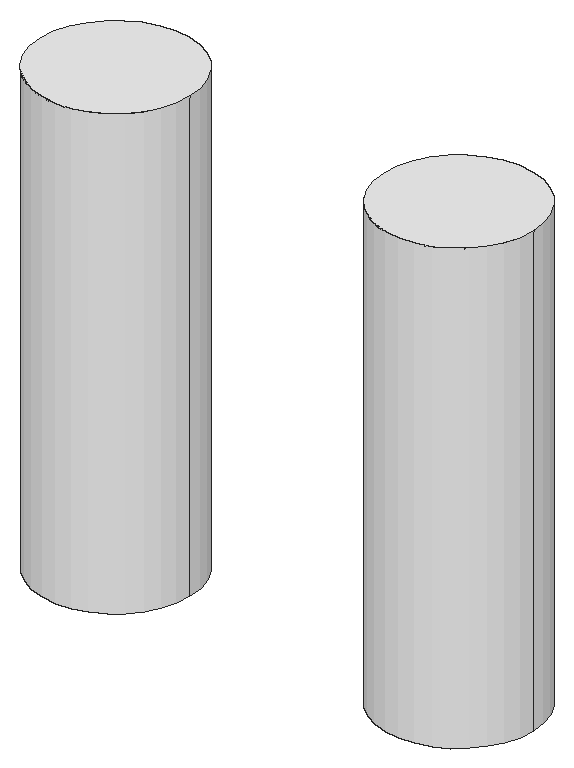
Revit family "5540220300006(2023)", category Plumbing Fixtures, Revit 2020
Family settings
  Round Connector Dimension = Use Diameter
  Part Type = Normal
  OmniClass Number = 23.45.55.00
  OmniClass Title = Sanitary Faucets, Wastes
  Work Plane-Based = No
  Always vertical = Yes
  Cut with Voids When Loaded = No
  Shared = No
  Room Calculation Point = No
Parameters (values of type "5540220300006 Washbasin faucet")
  Working Pressure = "50 - 1000 kPa"
  WarrantyStartDate [instance] = "n/a"
  WarrantyGuarantorParts = "n/a"
  WarrantyGuarantorLabor = "n/a"
  WarrantyDurationUnit = "Year"
  WarrantyDurationParts = "n/a"
  WarrantyDurationLabor = "n/a"
  WarrantyDescription = "http://warranty.hansa.com"
  Warranty Information URL = "http://warranty.hansa.com"
  VersionDate = "17/01/2024"
  Version = "1"
  ValvePattern = "n/a"
  ValveOperation = "n/a"
  ValveMechanism = "n/a"
  Uniclass2015Reference = "Pr_40_20_87_96"
  Uniclass2015Description = "Washbasin manual water supply sets"
  Uniclass2 = "Pr_40_30_96_96"
  URL UWL = "http://static.hansa.com/UWL/5540220300006"
  URL REACH = "http://static.hansa.com/doc/reach"
  URL EcoLabel Declaration = "http://static.hansa.com/doc/EcoLabel"
  URL EU Packaging Declaration = "http://static.hansa.com/doc/packaging"
  URL Declaration of SCIP = "http://static.hansa.com/doc/SCIP"
  URL Declaration of Conformity = "http://static.hansa.com/DoC/5540220300006"
  URL Declaration of Asbestos = "http://static.hansa.com/doc/asbestos"
  URL Declaration Of Performance (DOP) = "http://static.hansa.com/doc/DoP"
  URL = ""
  Type Comments = ""
  TestPressure = "n/a"
  Temperature Adjustments = "Limitation option for maximum temperature and flow-rate ;Adjustable hot water stop (included, retrofittable);Energy saving variation - cold water in the middle position"
  Technical DataSheet URL = "http://www.hansa.com/datasheet/5540220300006/en"
  TagNumber [instance] = "n/a"
  SustainabilityPerformance = "n/a"
  Surface treatment = "Chrome"
  Spout Type = "Fixed spout"
  Spout Projection = "101 mm"
  Spare-Part Information URL = "http://static.hansa.com/sp/5540220300006"
  Size = "50x140x125 mm"
  Shape = "Sculptured"
  SerialNumber [instance] = "n/a"
  Sales Package dimensions (LxWxH) = "395 x 195 x 70"
  Revision = "n/a"
  ReplacementCost = "n/a"
  ProductInformation = "n/a"
  Product URL = "http://static.hansa.com/5540220300006"
  Product Image URL = "http://static.hansa.com/image/5540220300006"
  Product Family = "HANSABASIC "
  Product Code = "5540220300006"
  OperatingMechanismMaterial = "n/a"
  NominalWidth = 47.158 mm
  NominalHeight = 122.504 mm
  NominalDepth = 138.494 mm
  Noise Class = "I (ISO 3822)"
  Name_en = "5540220300006 Washbasin faucet"
  Name = "5540220300006 Washbasin faucet"
  NBSReference = "45-35-70/371"
  NBSDescription = "Water supply fittings for wash basins and troughs"
  Mounting Holes = "1 hole"
  ModelReference = "5540220300006"
  ModelNumber = "n/a"
  Model = "5540220300006 Washbasin faucet"
  Mobile Product Information URL = "http://mpi.hansa.com/5540220300006"
  Mechanical Parts = "ø 35 mm ceramic eco cartridge for flow and temperature control"
  Max. Hot Water Supply = 70 °C
  Material = "Brass"
  ManufacturerURL = "http://www.hansa.com"
  ManufacturerName = "HANSA"
  Manufacturer = "HANSA"
  Lever Handle = "Hot/Cold symbols;Single operating lever/handle"
  Keynote = ""
  Interactive AR View URL = "https://static.hansa.com/AR/5540220300006"
  InstallationDate [instance] = "n/a"
  Installation and Maintenance Guide URL = "http://static.hansa.com/manual/5540220300006"
  Installation Type = "Deck mounted"
  InletConnectionSize = 10 mm
  IfcExportType = "FAUCET"  # constant formula
  IfcExportAs = "IfcValveType"  # constant formula
  Group = "Washbasin faucet"
  Grade = "n/a"
  FlowCoefficient = 0
  Flow Rate At 300kPa With Flow Controller = 0.08 L/s
  Flow Drawing URL = "http://static.hansa.com/flowchart/5540220300006"
  Finish = "Polished"
  Features = "Single-lever"
  FaucetMainMaterial = Brass
  FDV Document URL = "http://www.hansa.com/datasheet/5540220300006/en/fdv"
  Extensions = "Pop-up waste with draw-rod"
  ExpectedLife = "n/a"
  EN Standard = "EN 817"
  EAN Number = "4057304021152"
  DurationUnit = "Year"
  Dimension Drawing URL = "http://static.hansa.com/dimdrw/5540220300006"
  Description = ""
  DefaultElevation [instance] = 900 mm
  Default Elevation = 0 mm
  Constituents = "n/a"
  Connection Size = "G3/8"
  Connection = "Flexible inlet pipes"
  Color = "Chrome"
  CodePerformance = "n/a"
  CloseOffRating = 0
  Catalog Drawing URL = "http://static.hansa.com/catdrw/5540220300006"
  Brand = "HANSA"
  BodyMaterial = "Brass"
  Barcode [instance] = "n/a"
  Backflow Prevention EN1717 = "AA"
  BIMObjectName = "5540220300006(2023)"
  Author = "BIMStone"
  AssetType = "Fixed"
  AssetIdentifier [instance] = "n/a"
  Aerator = "PCA® - constant flow rate regardless of pressure variations"
  Advanced Features = "Rapid installation system"
  AccessibilityPerformance = "n/a"
  3D View = "https://static.hansa.com/AR/5540220300006"
  2D/3D/BIM Files URL = "http://static.hansa.com/bim/5540220300006"
Reference planes
  plane 1 "Center (Front/Back)": y = 0
  plane 2: z = 0
  plane 3 "Center (Left/Right)": x = 0
  plane 4: x = -23.579
  plane 5: z = 900
  plane 6: z = 870
  plane 7: y = -138.494
  plane 8: x = 23.579
  plane 9: z = 1022.504
Forms (mm)
  Extrusion 1, solid, material "Brass" <- "FaucetMainMaterial"
    sketch origin (0, -2.393, 0) x (1, 0, 0) y (0, 1, 0)
      loop
        circle (-11.5, -22.5) r 5
      loop
        circle (11.5, -22.5) r 5
    from 870 to 900
Dimensions and locks
  "DefaultElevation": plane 5 to level
  locked: plane 5 to plane 6 at 30
  "NominalDepth": plane 7 to plane 1 "Center (Front/Back)"
  equal spacing: plane 4, plane 3 "Center (Left/Right)", plane 8
  "NominalHeight": plane 9 to plane 5
  "NominalWidth": plane 4 to plane 8
  "InletConnectionSize": diameter of Extrusion 1 sketch curve  (x2)
  aligned and locked: level to plane 2
  aligned and locked: plane 5 to Extrusion 1
  aligned and locked: Extrusion 1 to plane 6
  aligned and locked: plane 1 "Center (Front/Back)" to nested 2
  aligned and locked: plane 3 "Center (Left/Right)" to nested 2
  aligned and locked: plane 3 "Center (Left/Right)" to nested 1
  aligned and locked: plane 1 "Center (Front/Back)" to nested 1
  aligned and locked: plane 5 to nested 2
Automatic sketch dimensions
  Extrusion 1 sketch curve to plane 3 "Center (Left/Right)" = 11.5 mm
  plane 3 "Center (Left/Right)" to Extrusion 1 sketch curve = 11.5 mm
  plane 1 "Center (Front/Back)" to Extrusion 1 sketch curve = 24.893 mm  (x2)
Nested families
  nested 1: "Symbol" at (0, 0, 0), type "Symbol", detail levels coarse
  nested 2: "55402203_Body" at (0, 0, 900), Material <- "FaucetMainMaterial", type "55402203_Body"
    with Material Brass
Connectors
  piping at (-11.5, -24.893, 870), diameter 10, driven by "InletConnectionSize"
    settings: on Extrusion 1, index 1, connector inside diameter 609.6 mm, connector length 0 mm, flow factor 0, pipe flow 0.08 L/s, pressure drop 0.0 Pa, fitting loss kfactor 0, connector angle 0.00°, fixture units 0, engagement length 0 mm, angle of deflection 0.00°, flow configuration 1, flow direction 1, fitting loss method 0, system type 19, joint type 0, gender type 0, connector reference index -1, connector utility 0, adjustable connector no, is connector primary yes, connector description ""
  piping at (11.5, -24.893, 870), diameter 10, driven by "InletConnectionSize"
    settings: on Extrusion 1, index 2, connector inside diameter 609.6 mm, connector length 0 mm, flow factor 0, pipe flow 0.08 L/s, pressure drop 0.0 Pa, fitting loss kfactor 0, connector angle 0.00°, fixture units 0, engagement length 0 mm, angle of deflection 0.00°, flow configuration 1, flow direction 1, fitting loss method 0, system type 20, joint type 0, gender type 0, connector reference index -1, connector utility 0, adjustable connector no, is connector primary no, connector description ""
Definition of nested family "Symbol"
  Reference planes
    plane 1: y = 0
    plane 2: x = 0
  Lines and regions (mm)
    detail lines
      curve 1: line (0, 0, 0) -> (0, -1.8, 0)
      curve 2: line (-0.4, -1.1, 0) -> (0.4, -1.1, 0)
      curve 3: line (-0.4, -1.4, 0) -> (0.4, -1.4, 0)
      curve 4: line (0.863, 0, 0) -> (-0.863, 0, 0)
      curve 5: circle (-1.163, 0, 0) r 0.3 normal (0, 0, -1)
      curve 6: circle (1.163, 0, 0) r 0.3 normal (0, 0, 1)
Definition of nested family "55402203_Body"
  Parameters (values of type "55402203_Body")
    Material [instance] = none
    Default Elevation = 0 mm
  Reference planes
    plane 1 "Center (Front/Back)": y = 0
    plane 2: z = 0
    plane 3 "Center (Left/Right)": x = 0
    plane 4: z = 122.504
    plane 5: y = -138.494
    plane 6: x = -23.579
    plane 7: x = 23.579
  Forms (mm)
    Revolve 1, solid, material <- "Material", detail levels medium
      sketch origin (0, 0, 0) x (0, 1, 0) y (0, 0, 1)
        loop
          line (0.147, -7.757) -> (-2.408, 127.297) -> (-25.896, 127.297) -> (-23.341, -7.757) -> (0.147, -7.757)
        axis (-23.333, -8.201) -> (-25.896, 127.297)
      angle from 0 to 360
    Extrusion 2, void
      sketch origin (0, 0, 0) x (0, 1, 0) y (0, 0, 1)
        loop
          line (25.641, 122.104) -> (25.641, 142.777) -> (-138.494, 142.777) -> (-138.494, 122.104) -> (25.641, 122.104)
        loop
          line (25.641, 0) -> (-134.359, 0) -> (-134.359, -25) -> (25.641, -25) -> (25.641, 0)
      from -23.579 to 23.579
    Extrusion 3, solid, material <- "Material", detail levels medium
      sketch origin (0, 0, 0) x (0, 1, 0) y (0, 0, 1)
        loop
          line (-25.682, 117.297) -> (-25.682, 122.104) -> (-110.75, 122.104)
          arc (-110.75, 122.104) -> (-111.943, 121.076) -> (-111.103, 119.744) r 1.206
          line (-111.103, 119.744) -> (-103.108, 117.297) -> (-25.682, 117.297)
      from -22 to 22
    Extrusion 4, solid, material <- "Material", detail levels medium
      sketch origin (0, 0, 0) x (0, 1, 0) y (0, 0, 1)
        loop
          line (-23.504, 69.475) -> (-23.504, 89.465) -> (-137.334, 89.465)
          arc (-137.334, 89.465) -> (-138.154, 89.126) -> (-138.494, 88.305) r 1.16
          line (-138.494, 88.305) -> (-138.494, 86.465) -> (-109.067, 69.475) -> (-23.504, 69.475)
      from -20 to 20
    Revolve 5, solid, material <- "Material", detail levels medium
      sketch origin (0, 0, 0) x (0, 1, 0) y (0, 0, 1)
        loop
          line (-124.264, 69.526) -> (-113.922, 63.556) -> (-108.864, 72.317) -> (-119.206, 78.288) -> (-124.264, 69.526)
        axis (-124.264, 69.526) -> (-119.206, 78.288)
      angle from 0 to 360
    Sweep 6, solid, material <- "Material", detail levels medium
      path origin (0, 0, 0) x (0, 1, 0) y (0, 0, 1)
        loop
          line (22.407, 66.982) -> (13.353, 66.982)
          arc (13.353, 66.982) -> (8.708, 65.495) -> (5.789, 61.587) r 8
          line (5.789, 61.587) -> (-2.584, 37.27)
      profile origin (0, 17.88, 66.982) x (0, 0, -1) y (1, 0, 0)
        loop
          circle (0, 0) r 2
    Extrusion 7, solid, material <- "Material", detail levels coarse
      sketch origin (0, 0, 0) x (1, 0, 0) y (0, 1, 0)
        loop
          line (-23.579, 0) -> (-23.579, -138.494) -> (23.579, -138.494) -> (23.579, 0) -> (-23.579, 0)
      from 0 to 122.504
  Cuts and joins
    Extrusion 2 cuts Revolve 1
    joined: Revolve 1, Extrusion 3, Extrusion 4, Revolve 5, Sweep 6
  Lines and regions (mm)
    symbolic lines, detail levels medium+fine
      curve 1: line (0, 0, 0) -> (0, -46.976, 0)
      curve 2: line (0, -46.976, 0) -> (0, -46.349, 35.089)
      curve 3: line (0, 0, 0) -> (0, -0.693, 36.619)
      curve 4: line (0, -1.692, 89.465) -> (0, -2.732, 89.465)
      curve 5: line (0, -2.732, 89.465) -> (0, -6.367, 99.452)
      curve 7: line (0, -45.682, 91.465) -> (0, -43.74, 91.465)
      curve 9: line (0, -45.682, 110.297) -> (0, -45.682, 91.465)
      curve 10: line (0, -1.349, 102.446) -> (0, -1.65, 120.138)
      curve 11: line (0, -3.65, 122.104) -> (0, -110.75, 122.104)
      curve 12: line (0, -52.682, 117.297) -> (0, -103.108, 117.297)
      curve 13: line (0, -111.103, 119.744) -> (0, -103.108, 117.297)
      curve 14: arc (0, -110.75, 122.104) -> (0, -111.943, 121.076) -> (0, -111.103, 119.744) r 1.206
      curve 15: arc (0, -45.682, 110.297) -> (0, -47.733, 115.247) -> (0, -52.682, 117.297) r 7
      curve 16: arc (0, -1.65, 120.138) -> (0, -2.248, 121.53) -> (0, -3.65, 122.104) r 2
      curve 17: arc (0, -1.927, 101.523) -> (0, -1.501, 101.899) -> (0, -1.349, 102.446) r 1
      curve 18: line (0, -80.126, 69.475) -> (0, -109.067, 69.475)
      curve 19: arc (0, -46.349, 35.089) -> (0, -56.026, 59.366) -> (0, -80.126, 69.475) r 33.783
      curve 20: line (0, -138.494, 86.465) -> (0, -130.843, 82.048)
      curve 21: line (0, -138.494, 86.465) -> (0, -138.494, 88.305)
      curve 22: arc (0, -137.334, 89.465) -> (0, -138.154, 89.126) -> (0, -138.494, 88.305) r 1.16
      curve 23: line (0, -114.745, 64.031) -> (0, -133.783, 75.022)
      curve 24: line (0, -132.212, 79.677) -> (0, -130.843, 82.048)
      curve 25: line (0, -111.514, 67.727) -> (0, -110.145, 70.098)
      curve 27: line (0, -132.212, 79.677) -> (0, -131.858, 78.356)
      curve 28: line (0, -131.858, 78.356) -> (0, -133.783, 75.022)
      curve 29: line (0, -111.514, 67.727) -> (0, -112.812, 67.38)
      curve 30: line (0, -112.812, 67.38) -> (0, -114.745, 64.031)
      curve 31: line (0, -110.145, 70.098) -> (0, -109.067, 69.475)
      curve 33: line (0, -44.276, 89.465) -> (0, -43.74, 91.465)
      curve 34: line (0, 22.407, 68.982) -> (0, 13.353, 68.982)
      curve 35: arc (0, 13.353, 68.982) -> (0, 7.546, 67.123) -> (0, 3.898, 62.238) r 10
      curve 36: line (0, 3.898, 62.238) -> (0, -0.913, 48.266)
      curve 37: line (0, 22.407, 64.982) -> (0, 13.353, 64.982)
      curve 38: arc (0, 13.353, 64.982) -> (0, 9.869, 63.867) -> (0, 7.68, 60.936) r 6
      curve 39: line (0, 7.68, 60.936) -> (0, -0.693, 36.619)
      curve 40: line (0, 22.407, 64.982) -> (0, 22.407, 68.982)
      curve 42: line (0, -0.913, 48.266) -> (0, -1.692, 89.465)
      curve 44: line (0, -6.367, 99.452) -> (0, -1.927, 101.523)
      curve 45: line (0, -44.276, 89.465) -> (0, -137.334, 89.465)
      curve 47: line (-23.579, 0, 0) -> (-21.706, 0, 88.339)
      curve 48: arc (-21.706, 0, 88.339) -> (-21.363, 0, 89.135) -> (-20.562, 0, 89.465) r 1.15
      curve 49: line (-20.562, 0, 89.465) -> (-20.207, 0, 91.476)
      curve 50: line (-20.207, 0, 91.476) -> (-22.236, 0, 91.476)
      curve 51: line (-22.236, 0, 91.476) -> (-21.787, 0, 120.893)
      curve 52: line (0, 0, 122.504) -> (-20.518, 0, 122.164)
      curve 53: arc (-20.518, 0, 122.164) -> (-21.409, 0, 121.786) -> (-21.787, 0, 120.893) r 1.29
      curve 60: line (23.579, 0, 0) -> (21.706, 0, 88.339)
      curve 61: arc (21.706, 0, 88.339) -> (21.363, 0, 89.135) -> (20.562, 0, 89.465) r 1.15
      curve 62: line (20.562, 0, 89.465) -> (20.207, 0, 91.476)
      curve 63: line (20.207, 0, 91.476) -> (22.236, 0, 91.476)
      curve 64: line (22.236, 0, 91.476) -> (21.787, 0, 120.893)
      curve 65: line (0, 0, 122.504) -> (20.518, 0, 122.164)
      curve 66: arc (20.518, 0, 122.164) -> (21.409, 0, 121.786) -> (21.787, 0, 120.893) r 1.29
      curve 69: line (-23.579, 0, 0) -> (23.579, 0, 0)
      curve 75: arc (21.853, -32.435, 0) -> (20.092, -11.239, 0) -> (1.983, -0.084, 0) r 23.579
      curve 76: line (-21.853, -124.494, 0) -> (-21.853, -32.435, 0)
      curve 77: line (21.853, -124.494, 0) -> (21.853, -32.435, 0)
      curve 78: line (7.853, -138.494, 0) -> (-7.853, -138.494, 0)
      curve 79: arc (-7.853, -138.494, 0) -> (-17.752, -134.394, 0) -> (-21.853, -124.494, 0) r 14
      curve 80: arc (21.853, -124.494, 0) -> (17.752, -134.394, 0) -> (7.853, -138.494, 0) r 14
      curve 87: line (0, 22.407, 0) -> (-1.983, 22.407, 0)
      curve 88: line (-1.983, 22.407, 0) -> (-1.983, -0.084, 0)
      curve 90: line (0, 22.407, 0) -> (1.983, 22.407, 0)
      curve 91: line (1.983, 22.407, 0) -> (1.983, -0.084, 0)
      curve 93: arc (-1.983, -0.084, 0) -> (-20.092, -11.239, 0) -> (-21.853, -32.435, 0) r 23.579
    symbolic lines, detail levels fine
      curve 6: line (0, -22.289, 92.028) -> (0, -6.367, 99.452)
      curve 8: arc (0, -24.824, 91.465) -> (0, -23.526, 91.608) -> (0, -22.289, 92.028) r 6
      curve 26: line (0, -111.514, 67.727) -> (0, -132.212, 79.677)
      curve 32: line (0, -130.843, 82.048) -> (0, -110.145, 70.098)
      curve 41: line (0, -0.693, 36.619) -> (0, -0.913, 48.266)
      curve 43: line (0, -2.732, 89.465) -> (0, -44.276, 89.465)
      curve 46: line (0, -43.74, 91.465) -> (0, -24.824, 91.465)
      curve 54: line (0, 0, 117.297) -> (-17.265, 0, 117.297)
      curve 55: arc (-17.265, 0, 117.297) -> (-20.154, 0, 118.306) -> (-21.787, 0, 120.893) r 4.641
      curve 56: spline (11.975, 0, 70.093) -> (11.567, 0, 68.444) -> (10.371, 0, 66.907) -> (8.468, 0, 65.587) -> (5.988, 0, 64.574) -> (3.099, 0, 63.937) -> (0, 0, 63.72) -> (-3.099, 0, 63.937) -> (-5.988, 0, 64.574) -> (-8.468, 0, 65.587) -> (-10.371, 0, 66.907) -> (-11.567, 0, 68.444) -> (-11.975, 0, 70.093) -> (-11.567, 0, 71.743) -> (-10.371, 0, 73.28) -> (-8.468, 0, 74.6) -> (-5.988, 0, 75.612) -> (-3.099, 0, 76.249) -> (0, 0, 76.466) -> (3.099, 0, 76.249) -> (5.988, 0, 75.612) -> (8.468, 0, 74.6) -> (10.371, 0, 73.28) -> (11.567, 0, 71.743) -> (11.975, 0, 70.093)
      curve 57: line (-11.975, 0, 70.093) -> (-11.975, 0, 76.046)
      curve 58: spline (-11.975, 0, 76.046) -> (-11.567, 0, 77.695) -> (-10.371, 0, 79.232) -> (-8.468, 0, 80.552) -> (-5.988, 0, 81.565) -> (-3.099, 0, 82.201) -> (0, 0, 82.419) -> (3.099, 0, 82.201) -> (5.988, 0, 81.565) -> (8.468, 0, 80.552) -> (10.371, 0, 79.232) -> (11.567, 0, 77.695) -> (11.975, 0, 76.046)
      curve 59: line (11.975, 0, 70.093) -> (11.975, 0, 76.046)
      curve 67: line (0, 0, 117.297) -> (17.265, 0, 117.297)
      curve 68: arc (17.265, 0, 117.297) -> (20.154, 0, 118.306) -> (21.787, 0, 120.893) r 4.641
      curve 70: line (-20.562, 0, 89.465) -> (20.562, 0, 89.465)
      curve 71: line (20.207, 0, 91.476) -> (-20.207, 0, 91.476)
      curve 72: spline (20.24, 0, 79.358) -> (19.55, 0, 81.132) -> (17.528, 0, 82.785) -> (14.312, 0, 84.205) -> (10.12, 0, 85.294) -> (5.238, 0, 85.979) -> (0, 0, 86.213) -> (-5.238, 0, 85.979) -> (-10.12, 0, 85.294) -> (-14.312, 0, 84.205) -> (-17.528, 0, 82.785) -> (-19.55, 0, 81.132) -> (-20.24, 0, 79.358)
      curve 73: arc (-20.24, 0, 79.358) -> (-17.874, 0, 73.15) -> (-11.975, 0, 70.093) r 9.326
      curve 74: arc (20.24, 0, 79.358) -> (17.874, 0, 73.15) -> (11.975, 0, 70.093) r 9.326
      curve 81: line (6.853, -112.088, 0) -> (-6.853, -112.088, 0)
      curve 82: arc (-21.853, -97.088, 0) -> (-17.459, -107.695, 0) -> (-6.853, -112.088, 0) r 15
      curve 83: arc (6.853, -112.088, 0) -> (17.459, -107.695, 0) -> (21.853, -97.088, 0) r 15
      curve 84: arc (-21.853, -23.357, 0) -> (0, -1.504, 0) -> (21.853, -23.357, 0) r 21.853
      curve 85: line (-21.853, -32.435, 0) -> (-21.853, -23.357, 0)
      curve 86: line (21.853, -32.435, 0) -> (21.853, -23.357, 0)
      curve 89: line (-1.983, -0.853, 0) -> (0, -0.853, 0)
      curve 92: line (1.983, -0.853, 0) -> (0, -0.853, 0)
      curve 94: line (1.983, -0.084, 0) -> (1.983, -0.853, 0)
      curve 95: line (-1.983, -0.084, 0) -> (-1.983, -0.853, 0)
  Dimensions and locks
    aligned and locked: level to plane 2
